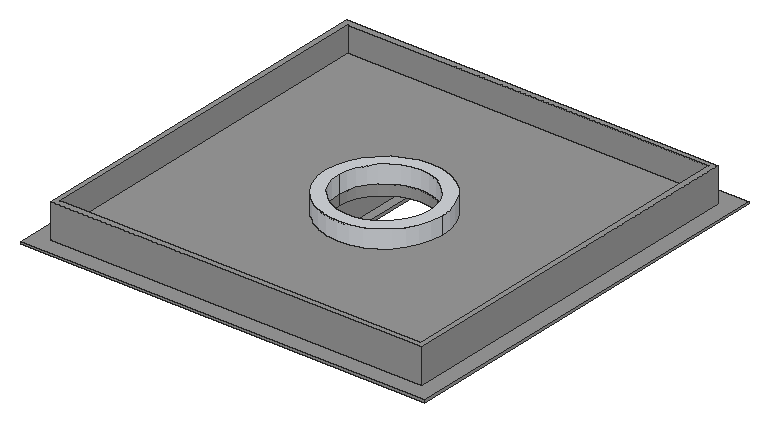
Revit family "Rahmenkassette Schwerlast für Tubus, RKFSL, Nenngröße 350-3, Belastungsklasse 2", category Generic Models, Revit 2015
Parameters (values of type "RKF2 SL2 V3 40")
  Width 1 = 388 mm
  Width = 424 mm
  URL = "http://www.obo-bettermann.com"
  Material = Stainless Steel
  Manufacturer Art.No. = "7409550"
  Manufacturer = "OBO Bettermann"
  Height 1 = 38 mm
  Height = 40 mm
  GTIN = "4012195870180"
  Cut depth = 9 mm
  Article Type = "RKF2 SL2 V3 40"
Types (5, lengths in mm): name | Manufacturer Art.No. | Height 1 | Height | GTIN | Article Type
  (no name) | "7409550" | 38 | 40 | "4012195870180" | "RKF2 SL2 V3 40"
  RKF2 SL2 V3 20 | "7409542" | 18 | 20 | "4012195870111" | "RKF2 SL2 V3 20"
  RKF2 SL2 V3 25 | "7409544" | 23 | 25 | "4012195870128" | "RKF2 SL2 V3 25"
  RKF2 SL2 V3 30 | "7409546" | 28 | 30 | "4012195870166" | "RKF2 SL2 V3 30"
  RKF2 SL2 V3 40 | "7409550" | 38 | 40 | "4012195870180" | "RKF2 SL2 V3 40"
Reference planes
  plane 1 "Center (Front/Back)": y = 0
  plane 2: z = 0
  plane 3 "Center (Left/Right)": x = 0
  plane 4: z = 2
  plane 5: y = 175
  plane 6: y = -175
  plane 7: z = 11
Forms (mm)
  Extrusion 1, solid, material "Stainless Steel" <- "Material"
    sketch origin (0, 0, 0) x (1, 0, 0) y (0, 1, 0)
      loop
        line (-194, 194) -> (-194, -194) -> (194, -194) -> (194, 194) -> (-194, 194)
    from 0 to 38
  Extrusion 2, solid, material "Stainless Steel" <- "Material"
    sketch origin (0, 0, 0) x (1, 0, 0) y (0, 1, 0)
      loop
        line (-212, 212) -> (-212, -212) -> (212, -212) -> (212, 212) -> (-212, 212)
      loop
        line (194, 194) -> (-194, 194) -> (-194, -194) -> (194, -194) -> (194, 194)
    from 0 to 2
  Extrusion 3, void
    sketch origin (0, 0, 0) x (1, 0, 0) y (0, 1, 0)
      loop
        line (-189.1, 189.1) -> (-189.1, -189.1) -> (189.1, -189.1) -> (189.1, 189.1) -> (-189.1, 189.1)
    from 11 to 38
  Extrusion 4, solid, material "Stainless Steel" <- "Material"
    sketch origin (0, 0, 0) x (1, 0, 0) y (0, 0, 1)
      loop
        line (-61, 0) -> (-61, -35) -> (-49, -35) -> (-49, -33) -> (-59, -33) -> (-59, 0) -> (-61, 0)
      loop
        line (59, 0) -> (59, -33) -> (46, -33) -> (46, -35) -> (61, -35) -> (61, 0) -> (59, 0)
    from -175 to 175
  Extrusion 5, void
    sketch origin (0, 0, 0) x (0, 1, 0) y (0, 0, 1)
      loop
        line (175, 0) -> (153, -33) -> (153, -35) -> (175, -35) -> (175, 0)
      loop
        line (-175, 0) -> (-175, -35) -> (-153, -35) -> (-153, -33) -> (-175, 0)
    from -61 to 61
  Extrusion 6, solid
    sketch origin (0, 0, -220.55) x (1, 0, 0) y (0, 1, 0)
      loop
        circle (0, 0) r 61
    from 231.55 to 250
  Extrusion 7, void
    sketch origin (0, 0, 0) x (1, 0, 0) y (0, 1, 0)
      loop
        circle (0, 0) r 47.77
    from 0 to 29.45
Cuts and joins
  Extrusion 3, Extrusion 7 cuts Extrusion 1
  Extrusion 5 cuts Extrusion 4
  Extrusion 7 cuts Extrusion 6
Dimensions and locks
  "Width 1": Extrusion 1 sketch curve to Extrusion 1 sketch curve  (x2)
  equal spacing: Extrusion 1 sketch curve, plane 3 "Center (Left/Right)", Extrusion 1 sketch curve
  equal spacing: Extrusion 1 sketch curve, plane 1 "Center (Front/Back)", Extrusion 1 sketch curve
  "Height 1": Extrusion 1 to level
  "Width": Extrusion 2 sketch curve to Extrusion 2 sketch curve  (x2)
  equal spacing: Extrusion 2 sketch curve, plane 3 "Center (Left/Right)", Extrusion 2 sketch curve
  equal spacing: Extrusion 2 sketch curve, plane 1 "Center (Front/Back)", Extrusion 2 sketch curve
  locked: plane 4 to level at 2
  locked: Extrusion 3 sketch curve to Extrusion 3 sketch curve at 378.2  (x2)
  locked: Extrusion 4 sketch curve to Extrusion 4 sketch curve at 2  (x4)
  locked: Extrusion 2 to Extrusion 4 sketch curve at 35  (x2)
  locked: Extrusion 4 sketch curve to Extrusion 4 sketch curve at 118
  equal spacing: Extrusion 4 sketch curve, plane 3 "Center (Left/Right)", Extrusion 4 sketch curve, locked at 59 each
  locked: plane 5 to plane 6 at 350
  locked: plane 5 to plane 1 "Center (Front/Back)" at 175
  locked: Extrusion 4 to Extrusion 5 sketch curve at 22
  locked: Extrusion 4 to Extrusion 5 sketch curve at 35  (x2)
  locked: Extrusion 4 to Extrusion 5 sketch curve at 2  (x2)
  locked: Extrusion 5 sketch curve to Extrusion 4 at 22
  "Cut depth": plane 7 to plane 4
  locked: Extrusion 6 to cut or joined group of Extrusion 1, Extrusion 3, Extrusion 7 at 18.45
  locked: plane 1 "Center (Front/Back)" to Extrusion 3 sketch curve at 189.1
  locked: plane 3 "Center (Left/Right)" to Extrusion 3 sketch curve at 189.1
  diameter of Extrusion 6 sketch curve = 122 mm
  diameter of Extrusion 7 sketch curve = 95.54 mm
  aligned and locked: level to plane 2
  aligned and locked: Extrusion 1 to level
  aligned and locked: Extrusion 2 to level
  aligned and locked: Extrusion 2 to plane 4
  aligned and locked: Extrusion 2 sketch curve to Extrusion 1  (x4)
  aligned and locked: Extrusion 1 to Extrusion 3
  aligned and locked: Extrusion 4 to plane 5
  aligned and locked: plane 6 to Extrusion 4
  aligned and locked: Extrusion 5 sketch curve to plane 5
  aligned and locked: plane 6 to Extrusion 5 sketch curve
  aligned and locked: Extrusion 5 to Extrusion 4  (x2)
  aligned and locked: Extrusion 3 to plane 7
  aligned and locked: cut or joined group of Extrusion 1, Extrusion 3, Extrusion 7 to Extrusion 6
  aligned and locked: Extrusion 7 to level
  aligned and locked: cut or joined group of Extrusion 6, Extrusion 7 to Extrusion 7
Automatic sketch dimensions
  Extrusion 4 sketch curve to level = 0 mm  (x2)
  Extrusion 4 sketch curve to Extrusion 4 sketch curve = 10 mm
  Extrusion 4 sketch curve to Extrusion 4 sketch curve = 13 mm
  plane 1 "Center (Front/Back)" to Extrusion 6 sketch curve = 0 mm
  Extrusion 6 sketch curve to plane 3 "Center (Left/Right)" = 0 mm
  plane 1 "Center (Front/Back)" to Extrusion 7 sketch curve = 0 mm
  Extrusion 7 sketch curve to plane 3 "Center (Left/Right)" = 0 mm
